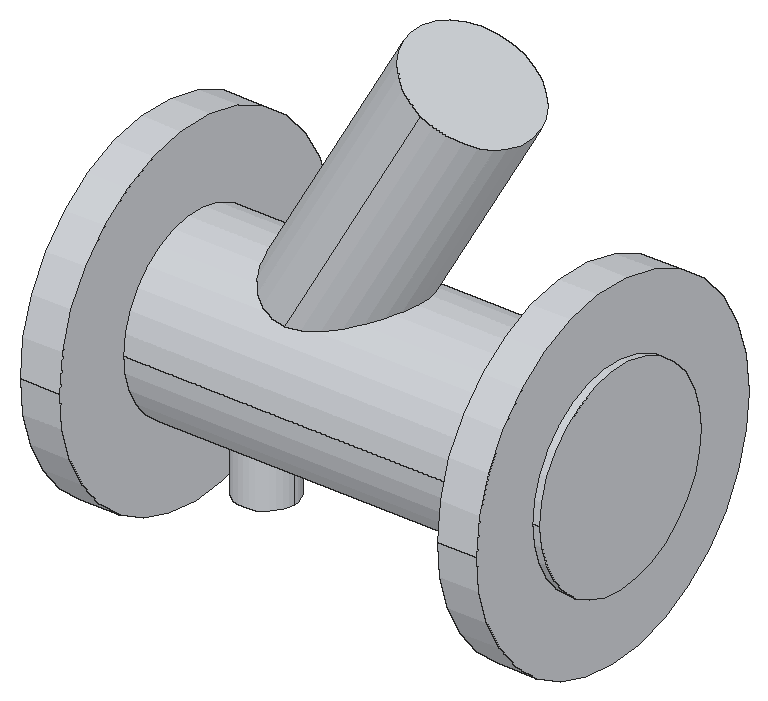
Revit family "HS 821-síto_jemné-PN40-DN025-RFA_2019", category Pipe Accessories, Revit 2019
Family settings
  Round Connector Dimension = Use Diameter
  Part Type = Breaks Into
  Work Plane-Based = No
  Always vertical = Yes
  Cut with Voids When Loaded = No
  Shared = No
Parameters (values of type "821F-DN025-PN40-síto_jemné")
  magiProductId = "504768023968471481789485b54c7e"
  magiProductFamilyId = "79214ac3aaa945e397802f559f5c1e"
  magiPartTypeId = 307
  isMeasuringValve [instance] = no
  ang2D [instance] = 0.00°
  ZB__ve = -ZB  # -19.25 mm
  ZB1 = 27.54 mm
  ZB = 19.25 mm
  X2 = 58.601 mm
  X1 = 22.4 mm
  W2D = 15 mm
  VersionID = "2.0/2017.9.26.1/ZETKAMA_821_001"
  Use Minimum Symbol Size [instance] = yes
  URL = "www.hydronic.cz"
  Type Comments = "Filtr přírubový; síto jemné; A-PN16 (-10~300°C); D-PN25 (-10~350°C); F-PN40 (-10~400°C)"
  S = 68 mm
  QmdConnectorList = "301;D;302;D"
  Productdata [instance] = ""
  Manufacturer = "Hydronic Systems Prague s.r.o."
  MC Product Code = "250 625 (821F; DN025; PN40; kvs14,2; oko síta 0,63mm)"
  LM1 = 12.8 mm
  LM = 128 mm
  L4 = 40 mm
  L2D_Min = 3048 mm
  L2D = 130 mm
  L2 = 80 mm
  HH2 = 101.5 mm
  FD = 115 mm
  Description = "Filtr přírubový; síto jemné; 821A-PN16; 821D-PN25; 821F-PN40"
  DM1 = 43.2 mm
  DM = 61.2 mm
  D = 25 mm
  CC = 2.72 mm
  CAT0 = yes
  C1 = 13.28 mm
  C = 16 mm
  BD = 19.278 mm
Types (40, lengths in mm): name | magiProductId | ZB__ve | ZB1 | ZB | X2 | X1 | S | MC Product Code | LM1 | LM | L4 | L2 | HH2 | FD | DM1 | DM | D | CC | C1 | C | BD
  821A-DN015-PN16-síto_jemné | "a71bcfe8b393460598b23e8ddf7dc5" | -16.25 | 18.63 | 16.25 | 46.982 | 18.2 | 46 | "210 115 (821A; DN015; PN16; kvs6,2; oko síta 0,63mm)" | 10.4 | 104 | 32.5 | 65 | 81.375 | 95 | 27.6 | 41.4 | 15 | 2.21 | 10.79 | 13 | 13.041
  821A-DN020-PN16-síto_jemné | "41cd6c7a12924f4991217528336076" | -17.75 | 22.68 | 17.75 | 51.673 | 21 | 56 | "210 120 (821A; DN020; PN16; kvs9,6; oko síta 0,63mm)" | 12 | 120 | 37.5 | 75 | 89.5 | 105 | 33.6 | 50.4 | 20 | 2.55 | 12.45 | 15 | 15.876
  821A-DN025-PN16-síto_jemné | "be378b463ed14c3abf4c9b3ae8cf3a" | -19.25 | 26.325 | 19.25 | 58.601 | 22.4 | 65 | "210 125 (821A; DN025; PN16; kvs14,2; oko síta 0,63mm)" | 12.8 | 128 | 40 | 80 | 101.5 | 115 | 43.2 | 58.5 | 25 | 2.72 | 13.28 | 16 | 18.427
  821A-DN032-PN16-síto_jemné | "227a0d18b21540afabe8b6067d35fa" | -23 | 30.78 | 23 | 68.849 | 25.2 | 76 | "210 132 (821A; DN032; PN16; kvs23,1; oko síta 0,63mm)" | 14.4 | 144 | 45 | 90 | 119.25 | 140 | 50.4 | 68.4 | 32 | 3.06 | 14.94 | 18 | 21.546
  821A-DN040-PN16-síto_jemné | "d106917c74724141a10440112d0102" | -24.5 | 34.02 | 24.5 | 75.777 | 28 | 84 | "210 140 (821A; DN040; PN16; kvs36,6; oko síta 0,63mm)" | 16 | 160 | 50 | 100 | 131.25 | 150 | 60 | 75.6 | 40 | 3.4 | 16.6 | 20 | 23.814
  821A-DN050-PN16-síto_jemné | "8255d456a09e4f6486734f5dd9171b" | -26.75 | 40.095 | 26.75 | 79.061 | 32.2 | 99 | "210 150 (821A; DN050 PN16; kvs53,7; oko síta 0,63mm)" | 18.4 | 184 | 57.5 | 115 | 136.938 | 165 | 73.8 | 89.1 | 50 | 3.91 | 19.09 | 23 | 28.066
  821A-DN065-PN16-síto_jemné | "235b1b3e4c0843779a4d5e3716d40a" | -29.75 | 47.79 | 29.75 | 86.927 | 40.6 | 118 | "210 165 (821A; DN065; PN16; kvs95,1; oko síta 0,63mm)" | 23.2 | 232 | 72.5 | 145 | 150.562 | 185 | 94.2 | 106.2 | 65 | 4.93 | 24.07 | 29 | 33.453
  821A-DN080-PN16-síto_jemné | "a067f7c5236348ed8c820d16df7214" | -32 | 53.46 | 32 | 104.753 | 43.4 | 132 | "210 180 (821A; DN080; PN16; kvs137,1; oko síta 0,63mm)" | 24.8 | 248 | 77.5 | 155 | 181.438 | 200 | 107.4 | 118.8 | 80 | 5.27 | 25.73 | 31 | 37.422
  821A-DN100-PN16-síto_jemné | "c49a648c2747461285837d643703cd" | -35 | 63.18 | 35 | 114.857 | 49 | 156 | "210 190 (821A; DN100; PN16; kvs206,4; oko síta 0,63mm)" | 28 | 280 | 87.5 | 175 | 198.937 | 220 | 131.4 | 140.4 | 100 | 5.95 | 29.05 | 35 | 44.226
  821A-DN125-PN16-síto_jemné | "bf68e728a163493cbd2a663b26ebdc" | -39.5 | 74.52 | 39.5 | 131.888 | 56 | 184 | "210 191 (821A; DN125; PN16; kvs268,8; oko síta 0,63mm)" | 32 | 320 | 100 | 200 | 228.438 | 250 | 165 | 165.6 | 125 | 6.8 | 33.2 | 40 | 52.164
  821A-DN150-PN16-síto_jemné | "2de770284b654863ae6bc865769dc5" | -44.75 | 85.455 | 44.75 | 155.885 | 67.2 | 211 | "210 192 (821A; DN150; PN16; kvs401,4; oko síta 0,63mm)" | 38.4 | 384 | 120 | 240 | 270 | 285 | 192 | 189.9 | 150 | 8.16 | 39.84 | 48 | 59.818
  821A-DN200-PN16-síto_jemné | "8e5693371ab64aabb29a7f08c76e15" | -53 | 107.73 | 53 | 188.361 | 84 | 266 | "210 193 (821A; DN200; PN16; kvs706,7; oko síta 0,63mm)" | 48 | 480 | 150 | 300 | 326.25 | 340 | 252 | 239.4 | 200 | 10.2 | 49.8 | 60 | 75.411
  821A-DN250-PN16-síto_jemné | "05e37ed948c34047acdd4c42556504" | -62.75 | 129.195 | 62.75 | 255.911 | 102.2 | 319 | "210 194 (821A; DN250; PN16; kvs1229,4; oko síta 0,63mm)" | 58.4 | 584 | 182.5 | 365 | 443.25 | 405 | 309.6 | 287.1 | 250 | 12.41 | 60.59 | 73 | 90.436
  821A-DN300-PN16-síto_jemné | "9ad0af747269428da925480d83ce80" | -71 | 149.85 | 71 | 325.914 | 119 | 370 | "210 195 (821A; DN300; PN16; kvs1902,4; oko síta 0,63mm)" | 68 | 680 | 212.5 | 425 | 564.5 | 460 | 369.6 | 333 | 300 | 14.45 | 70.55 | 85 | 104.895
  821A-DN350-PN16-síto_jemné | "eebc71459bb3451bb4355e7951370a" | -80 | 173.745 | 80 | 356.875 | 137.2 | 429 | "200 196 (821A; DN350; PN16; kvs2611,0; oko síta 0,63mm)" | 78.4 | 784 | 245 | 490 | 618.125 | 520 | 438 | 386.1 | 350 | 16.66 | 81.34 | 98 | 121.621
  821A-DN400-PN16-síto_jemné | "d2f677cb196647e385b2590e7d8abe" | -89 | 194.4 | 89 | 392.237 | 154 | 480 | "210 197 (821A; DN400; PN16; kvs3438,4; oko síta 0,63mm)" | 88 | 880 | 275 | 550 | 679.375 | 580 | 498 | 432 | 400 | 18.7 | 91.3 | 110 | 136.08
  821D-DN015-PN25-síto_jemné | "27ddcbf555414f8ca1fde329bf9087" | -16.25 | 18.63 | 16.25 | 46.982 | 18.2 | 46 | "210 215 (821D; DN015; PN25; kvs6,2; oko síta 0,63mm)" | 10.4 | 104 | 32.5 | 65 | 81.375 | 95 | 27.6 | 41.4 | 15 | 2.21 | 10.79 | 13 | 13.041
  821D-DN020-PN25-síto_jemné | "270e0f14012f47189cd0235c18faee" | -17.75 | 22.68 | 17.75 | 51.673 | 21 | 56 | "210 220 (821D; DN020; PN25; kvs9,6; oko síta 0,63mm)" | 12 | 120 | 37.5 | 75 | 89.5 | 105 | 33.6 | 50.4 | 20 | 2.55 | 12.45 | 15 | 15.876
  821D-DN025-PN25-síto_jemné | "b9a7fb4aa36643878c637d8e1ab992" | -19.25 | 26.325 | 19.25 | 58.601 | 22.4 | 65 | "210 225 (821D; DN025; PN25; kvs14,2; oko síta 0,63mm)" | 12.8 | 128 | 40 | 80 | 101.5 | 115 | 43.2 | 58.5 | 25 | 2.72 | 13.28 | 16 | 18.427
  821D-DN032-PN25-síto_jemné | "6be9a55c4e68400f94eec7e804204c" | -23 | 30.78 | 23 | 68.849 | 25.2 | 76 | "210 232 (821D; DN032; PN25; kvs23,1; oko síta 0,63mm)" | 14.4 | 144 | 45 | 90 | 119.25 | 140 | 50.4 | 68.4 | 32 | 3.06 | 14.94 | 18 | 21.546
  821D-DN040-PN25-síto_jemné | "c54511bd7f584ec2984291479612cb" | -24.5 | 34.02 | 24.5 | 75.777 | 28 | 84 | "210 240 (821D; DN040; PN25; kvs36,6; oko síta 0,63mm)" | 16 | 160 | 50 | 100 | 131.25 | 150 | 60 | 75.6 | 40 | 3.4 | 16.6 | 20 | 23.814
  821D-DN050-PN25-síto_jemné | "5483b1f596b04cd39b23a14a22c90e" | -26.75 | 40.095 | 26.75 | 79.061 | 32.2 | 99 | "210 250 (821D; DN050; PN25; kvs53,7; oko síta 0,63mm)" | 18.4 | 184 | 57.5 | 115 | 136.938 | 165 | 73.8 | 89.1 | 50 | 3.91 | 19.09 | 23 | 28.066
  821D-DN065-PN25-síto_jemné | "767b0f8318e94750bc7a9930ed5b30" | -29.75 | 47.79 | 29.75 | 86.927 | 40.6 | 118 | "210 265 (821D; DN065; PN25; kvs95,1; oko síta 0,63mm)" | 23.2 | 232 | 72.5 | 145 | 150.562 | 185 | 94.2 | 106.2 | 65 | 4.93 | 24.07 | 29 | 33.453
  821D-DN080-PN25-síto_jemné | "e21040fa3cc2404b858198f6b73709" | -32 | 53.46 | 32 | 104.753 | 43.4 | 132 | "210 280 (821D; DN080; PN25; kvs137,1; oko síta 0,63mm)" | 24.8 | 248 | 77.5 | 155 | 181.438 | 200 | 107.4 | 118.8 | 80 | 5.27 | 25.73 | 31 | 37.422
  821D-DN100-PN25-síto_jemné | "175ca87a506b40b3bc6b82f12f33cf" | -37.25 | 63.18 | 37.25 | 114.857 | 49 | 156 | "210 290 (821D; DN100; PN25; kvs206,4; oko síta 0,63mm)" | 28 | 280 | 87.5 | 175 | 198.937 | 235 | 131.4 | 140.4 | 100 | 5.95 | 29.05 | 35 | 44.226
  821D-DN125-PN25-síto_jemné | "77cc98d60da24855999a22dff726b2" | -42.5 | 74.52 | 42.5 | 131.888 | 56 | 184 | "210 291 (821D; DN125; PN25; kvs268,8; oko síta 0,63mm)" | 32 | 320 | 100 | 200 | 228.438 | 270 | 165 | 165.6 | 125 | 6.8 | 33.2 | 40 | 52.164
  821D-DN150-PN25-síto_jemné | "9cf8acfcd15547d68e83172d3abcbe" | -47 | 85.455 | 47 | 155.885 | 67.2 | 211 | "210 292 (821D; DN150; PN25; kvs401,4; oko síta 0,63mm)" | 38.4 | 384 | 120 | 240 | 270 | 300 | 192 | 189.9 | 150 | 8.16 | 39.84 | 48 | 59.818
  821D-DN200-PN25-síto_jemné | "16973f3c9ea14389ba8602495a6b64" | -56 | 110.97 | 56 | 188.361 | 84 | 274 | "210 293 (821D; DN200; PN25; kvs706,7; oko síta 0,63mm)" | 48 | 480 | 150 | 300 | 326.25 | 360 | 252 | 246.6 | 200 | 10.2 | 49.8 | 60 | 77.679
  821F-DN015-PN40-síto_jemné | "4c7eaf3c4c0340888b3e684d8a8616" | -16.25 | 18.225 | 16.25 | 46.982 | 18.2 | 45 | "250 615 (821F; DN015; PN40; kvs6,2; oko síta 0,63mm)" | 10.4 | 104 | 32.5 | 65 | 81.375 | 95 | 27.6 | 40.5 | 15 | 2.21 | 10.79 | 13 | 12.757
  821F-DN020-PN40-síto_jemné | "aaac5f1ec96b44d6ba96ac2293d66d" | -17.75 | 23.49 | 17.75 | 51.673 | 21 | 58 | "250 620 (821F; DN020; PN40; kvs9,6; oko síta 0,63mm)" | 12 | 120 | 37.5 | 75 | 89.5 | 105 | 33.6 | 52.2 | 20 | 2.55 | 12.45 | 15 | 16.443
  821F-DN025-PN40-síto_jemné | "504768023968471481789485b54c7e" | -19.25 | 27.54 | 19.25 | 58.601 | 22.4 | 68 | "250 625 (821F; DN025; PN40; kvs14,2; oko síta 0,63mm)" | 12.8 | 128 | 40 | 80 | 101.5 | 115 | 43.2 | 61.2 | 25 | 2.72 | 13.28 | 16 | 19.278
  821F-DN032-PN40-síto_jemné | "165e7f39cf744f329bdf1c400dad12" | -23 | 31.59 | 23 | 68.849 | 25.2 | 78 | "250 632 (821F; DN032; PN40; kvs23,1; oko síta 0,63mm)" | 14.4 | 144 | 45 | 90 | 119.25 | 140 | 50.4 | 70.2 | 32 | 3.06 | 14.94 | 18 | 22.113
  821F-DN040-PN40-síto_jemné | "b8903f952089408fbf3a5a632bab1f" | -24.5 | 35.64 | 24.5 | 75.777 | 28 | 88 | "250 640 (821F; DN040; PN40; kvs36,6; oko síta 0,63mm)" | 16 | 160 | 50 | 100 | 131.25 | 150 | 60 | 79.2 | 40 | 3.4 | 16.6 | 20 | 24.948
  821F-DN050-PN40-síto_jemné | "c451f97266fe48da8f879cb6a2bd44" | -26.75 | 41.31 | 26.75 | 79.061 | 32.2 | 102 | "250 650 (821F; DN050; PN40; kvs53,7; oko síta 0,63mm)" | 18.4 | 184 | 57.5 | 115 | 136.938 | 165 | 73.8 | 91.8 | 50 | 3.91 | 19.09 | 23 | 28.917
  821F-DN065-PN40-síto_jemné | "dc9821e3f9b34e128f6a8c6b34c198" | -29.75 | 49.41 | 29.75 | 86.927 | 40.6 | 122 | "250 665 (821F; DN065; PN40; kvs95,1; oko síta 0,63mm)" | 23.2 | 232 | 72.5 | 145 | 150.562 | 185 | 94.2 | 109.8 | 65 | 4.93 | 24.07 | 29 | 34.587
  821F-DN080-PN40-síto_jemné | "689aa1e260f84cf4994f027a1d86b5" | -32 | 55.89 | 32 | 104.753 | 43.4 | 138 | "250 680 (821F; DN080; PN40; kvs137,1; oko síta 0,63mm)" | 24.8 | 248 | 77.5 | 155 | 181.438 | 200 | 107.4 | 124.2 | 80 | 5.27 | 25.73 | 31 | 39.123
  821F-DN100-PN40-síto_jemné | "8a45d4e8e2ab425f8c432f21d684f3" | -37.25 | 65.61 | 37.25 | 114.857 | 49 | 162 | "250 690 (821F; DN100; PN40; kvs206,4; oko síta 0,63mm)" | 28 | 280 | 87.5 | 175 | 198.937 | 235 | 131.4 | 145.8 | 100 | 5.95 | 29.05 | 35 | 45.927
  821F-DN125-PN40-síto_jemné | "cf073904c006406b8645afa67ea2fc" | -42.5 | 76.14 | 42.5 | 131.888 | 56 | 188 | "250 691 (821F; DN125; PN40; kvs268,8; oko síta 0,63mm)" | 32 | 320 | 100 | 200 | 228.438 | 270 | 165 | 169.2 | 125 | 6.8 | 33.2 | 40 | 53.298
  821F-DN150-PN40-síto_jemné | "0153b9ddabe14992a630484929fdbc" | -47 | 88.29 | 47 | 155.885 | 67.2 | 218 | "250 692 (821F; DN150; PN40; kvs401,4; oko síta 0,63mm)" | 38.4 | 384 | 120 | 240 | 270 | 300 | 192 | 196.2 | 150 | 8.16 | 39.84 | 48 | 61.803
  821F-DN200-PN40-síto_jemné | "7fb3fc01dd8d42428c203e3f8dd4d5" | -56 | 115.425 | 56 | 188.361 | 84 | 285 | "250 693 (821F; DN200; PN40; kvs706,7; oko síta 0,63mm)" | 48 | 480 | 150 | 300 | 326.25 | 360 | 252 | 256.5 | 200 | 10.2 | 49.8 | 60 | 80.797
Reference planes
  plane 1 "Center (Front/Back)": y = 0
  plane 2 "XYPLANE": z = 0
  plane 3 "Center (Left/Right)": x = 0
  plane 4 "109": x = -51.2
  plane 5 "108": x = 64
  plane 6 "107": x = -64
  plane 7 "105": x = 80
  plane 8 "104": x = -80
  plane 9 "103": y = 0
  plane 10 "102": z = 0
  plane 11 "101": x = -77.28
  plane 12 "100": x = 77.28
  plane 13 "11": x = -28.8
  plane 14 "10": z = 101.5
  plane 15 "9": x = 29.801
  plane 16 "5": z = -27.54
  plane 17 "4": x = -40
  plane 18 "1": x = 40
Forms (mm)
  Extrusion 1, solid, visible <- "CAT0"
    sketch origin (-64, -750, 0) x (0, 1, 0) y (0, 0, 1)
      loop
        circle (750, 0) r 30.6
    from 0 to 128 <- "LM"
  Extrusion 2, solid
    sketch origin (-80, -750, 0) x (0, 1, 0) y (0, 0, 1)
      loop
        circle (750, 0) r 34
    from 0 to 2.72 <- "CC"
  Extrusion 3, solid
    sketch origin (-77.28, -750, 0) x (0, 1, 0) y (0, 0, 1)
      loop
        circle (750, 0) r 57.5
    from 0 to 13.28 <- "C1"
  Extrusion 4, solid
    sketch origin (64, -750, 0) x (0, 1, 0) y (0, 0, 1)
      loop
        circle (750, 0) r 57.5
    from 0 to 13.28 <- "C1"
  Extrusion 5, solid
    sketch origin (77.28, -750, 0) x (0, 1, 0) y (0, 0, 1)
      loop
        circle (750, 0) r 34
    from 0 to 2.72 <- "CC"
  Sweep 6, solid, visible <- "CAT0"
    path origin (750, 0, 0) x (-1, 0, 0) y (0, 0, 1)
      loop
        line (814, 0) -> (778.8, 0) -> (720.199, 101.5)
    profile origin (-64, 0, 0) x (0, 0, -1) y (0, 1, 0)
      loop
        circle (0, 0) r 21.6
  Extrusion 7, solid, visible <- "CAT0"
    sketch origin (-750, 0, -27.54) x (1, 0, 0) y (0, 1, 0)
      loop
        circle (710, 0) r 9.639
    from 0 to -19.25 <- "ZB__ve"
  Extrusion 8, solid, visible <- "CAT0"
    sketch origin (-750, 0, -27.54) x (1, 0, 0) y (0, 1, 0)
      loop
        circle (790, 0) r 9.639
    from 0 to -19.25 <- "ZB__ve"
  Extrusion 9, solid, not visible
    sketch origin (80, -750, 0) x (0, 1, 0) y (0, 0, 1)
      loop
        circle (750, 0) r 10
    from 0 to -10
  Extrusion 10, solid, not visible
    sketch origin (-80, -750, 0) x (0, 1, 0) y (0, 0, 1)
      loop
        circle (750, 0) r 10
    from 0 to 10
Lines and regions (mm)
  reference lines, not visible
    curve 1: circle (2, 2, 0) r 1 normal (0, 0, 1)
Dimensions and locks
  plane 1 "Center (Front/Back)" to curve 1 = 2 mm
  "LM1": plane 6 "107" to plane 4 "109"
  "LM": plane 6 "107" to plane 5 "108"
  "C": plane 8 "104" to plane 6 "107"
  "L2": plane 3 "Center (Left/Right)" to plane 7 "105"
  "L2": plane 3 "Center (Left/Right)" to plane 8 "104"
  locked: plane 1 "Center (Front/Back)" to plane 9 "103"
  locked: plane 2 "XYPLANE" to plane 10 "102"
  "CC": plane 8 "104" to plane 11 "101"
  "C1": plane 5 "108" to plane 12 "100"
  "X1": plane 4 "109" to plane 13 "11"
  "HH2": plane 2 "XYPLANE" to plane 14 "10"
  "X2": plane 13 "11" to plane 15 "9"
  "ZB1": plane 2 "XYPLANE" to plane 16 "5"
  "L4": plane 8 "104" to plane 17 "4"
  "L2": plane 17 "4" to plane 18 "1"
  Sweep 6 sketch curve to Sweep 6 sketch curve = 0 mm  (x2)
  "DM": diameter of Extrusion 1 sketch curve
  "S": diameter of Extrusion 2 sketch curve
  "FD": diameter of Extrusion 3 sketch curve
  "FD": diameter of Extrusion 4 sketch curve
  "S": diameter of Extrusion 5 sketch curve
  "DM1": diameter of Sweep 6 sketch curve
  "BD": diameter of Extrusion 7 sketch curve
  "BD": diameter of Extrusion 8 sketch curve
  aligned and locked: level to plane 2 "XYPLANE"
  aligned and locked: Extrusion 1 sketch curve to plane 9 "103"
  aligned and locked: plane 10 "102" to Extrusion 1 sketch curve
  aligned and locked: Extrusion 2 sketch curve to plane 9 "103"
  aligned and locked: plane 10 "102" to Extrusion 2 sketch curve
  aligned and locked: Extrusion 3 sketch curve to plane 9 "103"
  aligned and locked: plane 10 "102" to Extrusion 3 sketch curve
  aligned and locked: Extrusion 4 sketch curve to plane 9 "103"
  aligned and locked: plane 10 "102" to Extrusion 4 sketch curve
  aligned and locked: Extrusion 5 sketch curve to plane 9 "103"
  aligned and locked: plane 10 "102" to Extrusion 5 sketch curve
  aligned and locked: Sweep 6 sketch curve to plane 9 "103"
  aligned and locked: plane 10 "102" to Sweep 6 sketch curve  (x3)
  aligned and locked: plane 6 "107" to Sweep 6 sketch curve
  aligned and locked: plane 13 "11" to Sweep 6 sketch curve
  aligned and locked: plane 14 "10" to Sweep 6 sketch curve
  aligned and locked: plane 15 "9" to Sweep 6 sketch curve
  aligned and locked: plane 9 "103" to Extrusion 7 sketch curve
  aligned and locked: plane 17 "4" to Extrusion 7 sketch curve
  aligned and locked: plane 9 "103" to Extrusion 8 sketch curve
  aligned and locked: plane 18 "1" to Extrusion 8 sketch curve
  aligned and locked: Extrusion 9 sketch curve to plane 9 "103"
  aligned and locked: plane 10 "102" to Extrusion 9 sketch curve
  aligned and locked: Extrusion 10 sketch curve to plane 9 "103"
  aligned and locked: plane 10 "102" to Extrusion 10 sketch curve
Automatic sketch dimensions
  plane 1 "Center (Front/Back)" to Extrusion 9 sketch curve = 10 mm
  plane 1 "Center (Front/Back)" to Extrusion 10 sketch curve = 10 mm
  plane 3 "Center (Left/Right)" to curve 1 = 2 mm
  radius of curve 1 = 1 mm
Connectors
  piping at (-80, 0, 0), diameter 25, driven by "D"
    settings: on Extrusion 10, index 1, connector inside diameter 609.6 mm, connector length 0 mm, flow factor 0, pipe flow 0.0 L/s, pressure drop 0.0 Pa, fitting loss kfactor 0, connector angle 0.00°, fixture units 0, engagement length 0 mm, angle of deflection 0.00°, flow configuration 0, flow direction 0, fitting loss method 0, system type 29, joint type 0, gender type 0, connector reference index 2, connector utility 0, adjustable connector no, is connector primary yes, connector description ""
  piping at (80, 0, 0), diameter 25, driven by "D"
    settings: on Extrusion 9, index 2, connector inside diameter 609.6 mm, connector length 0 mm, flow factor 0, pipe flow 0.0 L/s, pressure drop 0.0 Pa, fitting loss kfactor 0, connector angle 0.00°, fixture units 0, engagement length 0 mm, angle of deflection 0.00°, flow configuration 0, flow direction 0, fitting loss method 0, system type 29, joint type 0, gender type 0, connector reference index 1, connector utility 0, adjustable connector no, is connector primary no, connector description ""
